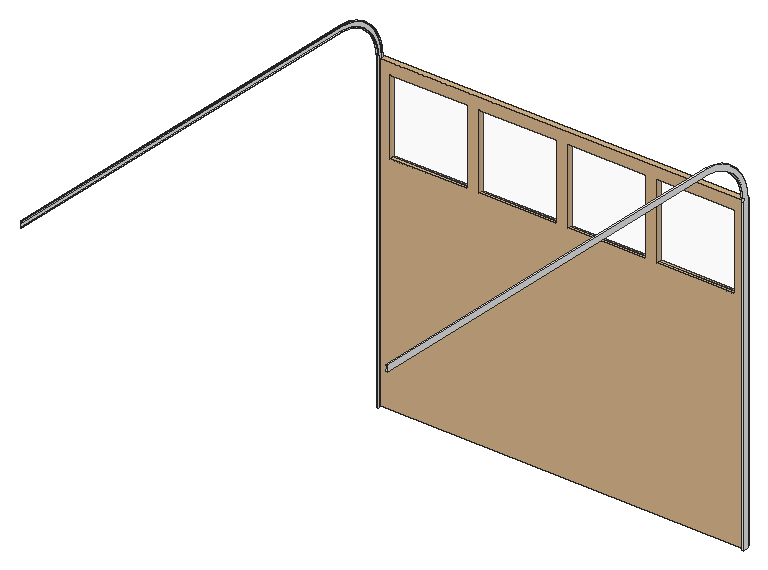
Revit family
Parameters (values of type "7Ft H x 8Ft W")
  Track Width = Width + 0' 2"  # 8' - 2"
  Track Height = Height + 1' 0"  # 8' - 0"
  Track Depth = 10' - 0"
  Track = Metal
  SmartBIM Object Version = 1  # constant formula
  SmartBIM Object Created By = "Reed Construction Data"  # constant formula
  Rough Width = 0' - 0"
  Rough Height = 0' - 0"
  Panel Thickness = 0' - 1 1/2"
  Manufacturer = ""
  Height = 7' - 0"
  Wall Closure = (empty or 0)
  Width = 8' - 0"
  Door Glass = Glass
  Door = Wood
  95 CSI = "08360"  # constant formula
  04 CSI = "08 36 13"  # constant formula
Types (3): name | Track Width | Track Depth | Width
  (no name) | 8' - 2" | 10' - 0" | 8' - 0"
  7Ft H x 8Ft W | 8' - 2" | 10' - 0" | 8' - 0"
  7Ft H x 16Ft W | 16' - 2" | 8' - 0" | 16' - 0"
Reference planes (in)
  plane 1 "Center (Front/Back)": y = 0
  plane 2 "Center (Left/Right)": x = 0
  plane 3 "Left": x = -48
  plane 4 "Right": x = 48
  plane 5 "Top": z = 84
  plane 6: x = -49
  plane 7: x = 49
  plane 8: y = -3.25
  plane 9: z = 60.75
  plane 10: z = 20.25
  plane 11: z = 40.5
  plane 12: z = 81
  plane 13: x = 24
  plane 14: x = -24
  plane 15: y = -2.5
  plane 16: y = -2.5
  plane 17 "Ext": y = -3.25
  plane 18: y = -2.5
  plane 19 "Int": y = -1.75
Forms (in)
  Extrusion 1, solid, material "Wood" <- "Door"
    sketch origin (0, 0, 0) x (1, 0, 0) y (0, 0, 1)
      loop
        line (-49, 84) -> (-49, 0) -> (49, 0) -> (49, 84) -> (-49, 84)
      loop
        line (46.5, 60.75) -> (46.5, 81) -> (25.5, 81) -> (25.5, 60.75) -> (46.5, 60.75)
      loop
        line (22.5, 60.75) -> (22.5, 81) -> (1.5, 81) -> (1.5, 60.75) -> (22.5, 60.75)
      loop
        line (-1.5, 60.75) -> (-1.5, 81) -> (-22.5, 81) -> (-22.5, 60.75) -> (-1.5, 60.75)
      loop
        line (-25.5, 60.75) -> (-25.5, 81) -> (-46.5, 81) -> (-46.5, 60.75) -> (-25.5, 60.75)
    from 1.75 to 3.25
  Extrusion 2, solid, material "Glass" <- "Door Glass"
    sketch origin (0, 0, 0) x (1, 0, 0) y (0, 0, 1)
      loop
        line (46.5, 81) -> (25.5, 81) -> (25.5, 60.75) -> (46.5, 60.75) -> (46.5, 81)
      loop
        line (22.5, 81) -> (1.5, 81) -> (1.5, 60.75) -> (22.5, 60.75) -> (22.5, 81)
      loop
        line (-1.5, 81) -> (-22.5, 81) -> (-22.5, 60.75) -> (-1.5, 60.75) -> (-1.5, 81)
      loop
        line (-25.5, 81) -> (-46.5, 81) -> (-46.5, 60.75) -> (-25.5, 60.75) -> (-25.5, 81)
    from 2.375 to 2.625
Lines and regions (in)
  Opening 1
    outline origin (-90, -1.75, 0) x (1, 0, 0) y (0, 0, 1)
      loop
        line (42, 0) -> (138, 0) -> (138, 84) -> (42, 84) -> (42, 0)
  model lines
    curve 1: line (25.5, -3.25, 59.25) -> (25.5, -3.25, 42)
    curve 2: line (25.5, -3.25, 42) -> (46.5, -3.25, 42)
    curve 3: line (46.5, -3.25, 42) -> (46.5, -3.25, 59.25)
    curve 4: line (46.5, -3.25, 59.25) -> (25.5, -3.25, 59.25)
    curve 5: line (45, -3.25, 57.75) -> (27, -3.25, 57.75)
    curve 6: line (27, -3.25, 57.75) -> (27, -3.25, 43.5)
    curve 7: line (27, -3.25, 43.5) -> (45, -3.25, 43.5)
    curve 8: line (45, -3.25, 43.5) -> (45, -3.25, 57.75)
    curve 9: line (1.5, -3.25, 59.25) -> (1.5, -3.25, 42)
    curve 10: line (1.5, -3.25, 42) -> (22.5, -3.25, 42)
    curve 11: line (22.5, -3.25, 42) -> (22.5, -3.25, 59.25)
    curve 12: line (22.5, -3.25, 59.25) -> (1.5, -3.25, 59.25)
    curve 13: line (21, -3.25, 57.75) -> (3, -3.25, 57.75)
    curve 14: line (3, -3.25, 57.75) -> (3, -3.25, 43.5)
    curve 15: line (3, -3.25, 43.5) -> (21, -3.25, 43.5)
    curve 16: line (21, -3.25, 43.5) -> (21, -3.25, 57.75)
    curve 17: line (-1.5, -3.25, 59.25) -> (-1.5, -3.25, 42)
    curve 18: line (-1.5, -3.25, 42) -> (-22.5, -3.25, 42)
    curve 19: line (-22.5, -3.25, 42) -> (-22.5, -3.25, 59.25)
    curve 20: line (-22.5, -3.25, 59.25) -> (-1.5, -3.25, 59.25)
    curve 21: line (-21, -3.25, 57.75) -> (-3, -3.25, 57.75)
    curve 22: line (-3, -3.25, 57.75) -> (-3, -3.25, 43.5)
    curve 23: line (-3, -3.25, 43.5) -> (-21, -3.25, 43.5)
    curve 24: line (-21, -3.25, 43.5) -> (-21, -3.25, 57.75)
    curve 25: line (-46.5, -3.25, 59.25) -> (-46.5, -3.25, 42)
    curve 26: line (-46.5, -3.25, 42) -> (-25.5, -3.25, 42)
    curve 27: line (-25.5, -3.25, 42) -> (-25.5, -3.25, 59.25)
    curve 28: line (-25.5, -3.25, 59.25) -> (-46.5, -3.25, 59.25)
    curve 29: line (-27, -3.25, 57.75) -> (-45, -3.25, 57.75)
    curve 30: line (-45, -3.25, 57.75) -> (-45, -3.25, 43.5)
    curve 31: line (-45, -3.25, 43.5) -> (-27, -3.25, 43.5)
    curve 32: line (-27, -3.25, 43.5) -> (-27, -3.25, 57.75)
    curve 33: line (-46.5, -3.25, 39) -> (-46.5, -3.25, 21.75)
    curve 34: line (-46.5, -3.25, 21.75) -> (-25.5, -3.25, 21.75)
    curve 35: line (-25.5, -3.25, 21.75) -> (-25.5, -3.25, 39)
    curve 36: line (-25.5, -3.25, 39) -> (-46.5, -3.25, 39)
    curve 37: line (-27, -3.25, 37.5) -> (-45, -3.25, 37.5)
    curve 38: line (-45, -3.25, 37.5) -> (-45, -3.25, 23.25)
    curve 39: line (-45, -3.25, 23.25) -> (-27, -3.25, 23.25)
    curve 40: line (-27, -3.25, 23.25) -> (-27, -3.25, 37.5)
    curve 41: line (-22.5, -3.25, 39) -> (-22.5, -3.25, 21.75)
    curve 42: line (-22.5, -3.25, 21.75) -> (-1.5, -3.25, 21.75)
    curve 43: line (-1.5, -3.25, 21.75) -> (-1.5, -3.25, 39)
    curve 44: line (-1.5, -3.25, 39) -> (-22.5, -3.25, 39)
    curve 45: line (-3, -3.25, 37.5) -> (-21, -3.25, 37.5)
    curve 46: line (-21, -3.25, 37.5) -> (-21, -3.25, 23.25)
    curve 47: line (-21, -3.25, 23.25) -> (-3, -3.25, 23.25)
    curve 48: line (-3, -3.25, 23.25) -> (-3, -3.25, 37.5)
    curve 49: line (22.5, -3.25, 39) -> (22.5, -3.25, 21.75)
    curve 50: line (22.5, -3.25, 21.75) -> (1.5, -3.25, 21.75)
    curve 51: line (1.5, -3.25, 21.75) -> (1.5, -3.25, 39)
    curve 52: line (1.5, -3.25, 39) -> (22.5, -3.25, 39)
    curve 53: line (3, -3.25, 37.5) -> (21, -3.25, 37.5)
    curve 54: line (21, -3.25, 37.5) -> (21, -3.25, 23.25)
    curve 55: line (21, -3.25, 23.25) -> (3, -3.25, 23.25)
    curve 56: line (3, -3.25, 23.25) -> (3, -3.25, 37.5)
    curve 57: line (25.5, -3.25, 39) -> (25.5, -3.25, 21.75)
    curve 58: line (25.5, -3.25, 21.75) -> (46.5, -3.25, 21.75)
    curve 59: line (46.5, -3.25, 21.75) -> (46.5, -3.25, 39)
    curve 60: line (46.5, -3.25, 39) -> (25.5, -3.25, 39)
    curve 61: line (45, -3.25, 37.5) -> (27, -3.25, 37.5)
    curve 62: line (27, -3.25, 37.5) -> (27, -3.25, 23.25)
    curve 63: line (27, -3.25, 23.25) -> (45, -3.25, 23.25)
    curve 64: line (45, -3.25, 23.25) -> (45, -3.25, 37.5)
    curve 65: line (-46.5, -3.25, 1.5) -> (-46.5, -3.25, 18.75)
    curve 66: line (-46.5, -3.25, 18.75) -> (-25.5, -3.25, 18.75)
    curve 67: line (-25.5, -3.25, 18.75) -> (-25.5, -3.25, 1.5)
    curve 68: line (-25.5, -3.25, 1.5) -> (-46.5, -3.25, 1.5)
    curve 69: line (-27, -3.25, 3) -> (-45, -3.25, 3)
    curve 70: line (-45, -3.25, 3) -> (-45, -3.25, 17.25)
    curve 71: line (-45, -3.25, 17.25) -> (-27, -3.25, 17.25)
    curve 72: line (-27, -3.25, 17.25) -> (-27, -3.25, 3)
    curve 73: line (-1.5, -3.25, 1.5) -> (-1.5, -3.25, 18.75)
    curve 74: line (-1.5, -3.25, 18.75) -> (-22.5, -3.25, 18.75)
    curve 75: line (-22.5, -3.25, 18.75) -> (-22.5, -3.25, 1.5)
    curve 76: line (-22.5, -3.25, 1.5) -> (-1.5, -3.25, 1.5)
    curve 77: line (-21, -3.25, 3) -> (-3, -3.25, 3)
    curve 78: line (-3, -3.25, 3) -> (-3, -3.25, 17.25)
    curve 79: line (-3, -3.25, 17.25) -> (-21, -3.25, 17.25)
    curve 80: line (-21, -3.25, 17.25) -> (-21, -3.25, 3)
    curve 81: line (1.5, -3.25, 1.5) -> (1.5, -3.25, 18.75)
    curve 82: line (1.5, -3.25, 18.75) -> (22.5, -3.25, 18.75)
    curve 83: line (22.5, -3.25, 18.75) -> (22.5, -3.25, 1.5)
    curve 84: line (22.5, -3.25, 1.5) -> (1.5, -3.25, 1.5)
    curve 85: line (21, -3.25, 3) -> (3, -3.25, 3)
    curve 86: line (3, -3.25, 3) -> (3, -3.25, 17.25)
    curve 87: line (3, -3.25, 17.25) -> (21, -3.25, 17.25)
    curve 88: line (21, -3.25, 17.25) -> (21, -3.25, 3)
    curve 89: line (46.5, -3.25, 1.5) -> (46.5, -3.25, 18.75)
    curve 90: line (46.5, -3.25, 18.75) -> (25.5, -3.25, 18.75)
    curve 91: line (25.5, -3.25, 18.75) -> (25.5, -3.25, 1.5)
    curve 92: line (25.5, -3.25, 1.5) -> (46.5, -3.25, 1.5)
    curve 93: line (27, -3.25, 3) -> (45, -3.25, 3)
    curve 94: line (45, -3.25, 3) -> (45, -3.25, 17.25)
    curve 95: line (45, -3.25, 17.25) -> (27, -3.25, 17.25)
    curve 96: line (27, -3.25, 17.25) -> (27, -3.25, 3)
    curve 97: line (25.5, -1.75, 59.25) -> (25.5, -1.75, 42)
    curve 98: line (25.5, -1.75, 42) -> (46.5, -1.75, 42)
    curve 99: line (46.5, -1.75, 42) -> (46.5, -1.75, 59.25)
    curve 100: line (46.5, -1.75, 59.25) -> (25.5, -1.75, 59.25)
    curve 101: line (45, -1.75, 57.75) -> (27, -1.75, 57.75)
    curve 102: line (27, -1.75, 57.75) -> (27, -1.75, 43.5)
    curve 103: line (27, -1.75, 43.5) -> (45, -1.75, 43.5)
    curve 104: line (45, -1.75, 43.5) -> (45, -1.75, 57.75)
    curve 105: line (1.5, -1.75, 59.25) -> (1.5, -1.75, 42)
    curve 106: line (1.5, -1.75, 42) -> (22.5, -1.75, 42)
    curve 107: line (22.5, -1.75, 42) -> (22.5, -1.75, 59.25)
    curve 108: line (22.5, -1.75, 59.25) -> (1.5, -1.75, 59.25)
    curve 109: line (21, -1.75, 57.75) -> (3, -1.75, 57.75)
    curve 110: line (3, -1.75, 57.75) -> (3, -1.75, 43.5)
    curve 111: line (3, -1.75, 43.5) -> (21, -1.75, 43.5)
    curve 112: line (21, -1.75, 43.5) -> (21, -1.75, 57.75)
    curve 113: line (-1.5, -1.75, 59.25) -> (-1.5, -1.75, 42)
    curve 114: line (-1.5, -1.75, 42) -> (-22.5, -1.75, 42)
    curve 115: line (-22.5, -1.75, 42) -> (-22.5, -1.75, 59.25)
    curve 116: line (-22.5, -1.75, 59.25) -> (-1.5, -1.75, 59.25)
    curve 117: line (-21, -1.75, 57.75) -> (-3, -1.75, 57.75)
    curve 118: line (-3, -1.75, 57.75) -> (-3, -1.75, 43.5)
    curve 119: line (-3, -1.75, 43.5) -> (-21, -1.75, 43.5)
    curve 120: line (-21, -1.75, 43.5) -> (-21, -1.75, 57.75)
    curve 121: line (-46.5, -1.75, 59.25) -> (-46.5, -1.75, 42)
    curve 122: line (-46.5, -1.75, 42) -> (-25.5, -1.75, 42)
    curve 123: line (-25.5, -1.75, 42) -> (-25.5, -1.75, 59.25)
    curve 124: line (-25.5, -1.75, 59.25) -> (-46.5, -1.75, 59.25)
    curve 125: line (-27, -1.75, 57.75) -> (-45, -1.75, 57.75)
    curve 126: line (-45, -1.75, 57.75) -> (-45, -1.75, 43.5)
    curve 127: line (-45, -1.75, 43.5) -> (-27, -1.75, 43.5)
    curve 128: line (-27, -1.75, 43.5) -> (-27, -1.75, 57.75)
    curve 129: line (-46.5, -1.75, 39) -> (-46.5, -1.75, 21.75)
    curve 130: line (-46.5, -1.75, 21.75) -> (-25.5, -1.75, 21.75)
    curve 131: line (-25.5, -1.75, 21.75) -> (-25.5, -1.75, 39)
    curve 132: line (-25.5, -1.75, 39) -> (-46.5, -1.75, 39)
    curve 133: line (-27, -1.75, 37.5) -> (-45, -1.75, 37.5)
    curve 134: line (-45, -1.75, 37.5) -> (-45, -1.75, 23.25)
    curve 135: line (-45, -1.75, 23.25) -> (-27, -1.75, 23.25)
    curve 136: line (-27, -1.75, 23.25) -> (-27, -1.75, 37.5)
    curve 137: line (-22.5, -1.75, 39) -> (-22.5, -1.75, 21.75)
    curve 138: line (-22.5, -1.75, 21.75) -> (-1.5, -1.75, 21.75)
    curve 139: line (-1.5, -1.75, 21.75) -> (-1.5, -1.75, 39)
    curve 140: line (-1.5, -1.75, 39) -> (-22.5, -1.75, 39)
    curve 141: line (-3, -1.75, 37.5) -> (-21, -1.75, 37.5)
    curve 142: line (-21, -1.75, 37.5) -> (-21, -1.75, 23.25)
    curve 143: line (-21, -1.75, 23.25) -> (-3, -1.75, 23.25)
    curve 144: line (-3, -1.75, 23.25) -> (-3, -1.75, 37.5)
    curve 145: line (22.5, -1.75, 39) -> (22.5, -1.75, 21.75)
    curve 146: line (22.5, -1.75, 21.75) -> (1.5, -1.75, 21.75)
    curve 147: line (1.5, -1.75, 21.75) -> (1.5, -1.75, 39)
    curve 148: line (1.5, -1.75, 39) -> (22.5, -1.75, 39)
    curve 149: line (3, -1.75, 37.5) -> (21, -1.75, 37.5)
    curve 150: line (21, -1.75, 37.5) -> (21, -1.75, 23.25)
    curve 151: line (21, -1.75, 23.25) -> (3, -1.75, 23.25)
    curve 152: line (3, -1.75, 23.25) -> (3, -1.75, 37.5)
    curve 153: line (25.5, -1.75, 39) -> (25.5, -1.75, 21.75)
    curve 154: line (25.5, -1.75, 21.75) -> (46.5, -1.75, 21.75)
    curve 155: line (46.5, -1.75, 21.75) -> (46.5, -1.75, 39)
    curve 156: line (46.5, -1.75, 39) -> (25.5, -1.75, 39)
    curve 157: line (45, -1.75, 37.5) -> (27, -1.75, 37.5)
    curve 158: line (27, -1.75, 37.5) -> (27, -1.75, 23.25)
    curve 159: line (27, -1.75, 23.25) -> (45, -1.75, 23.25)
    curve 160: line (45, -1.75, 23.25) -> (45, -1.75, 37.5)
    curve 161: line (-46.5, -1.75, 1.5) -> (-46.5, -1.75, 18.75)
    curve 162: line (-46.5, -1.75, 18.75) -> (-25.5, -1.75, 18.75)
    curve 163: line (-25.5, -1.75, 18.75) -> (-25.5, -1.75, 1.5)
    curve 164: line (-25.5, -1.75, 1.5) -> (-46.5, -1.75, 1.5)
    curve 165: line (-27, -1.75, 3) -> (-45, -1.75, 3)
    curve 166: line (-45, -1.75, 3) -> (-45, -1.75, 17.25)
    curve 167: line (-45, -1.75, 17.25) -> (-27, -1.75, 17.25)
    curve 168: line (-27, -1.75, 17.25) -> (-27, -1.75, 3)
    curve 169: line (-1.5, -1.75, 1.5) -> (-1.5, -1.75, 18.75)
    curve 170: line (-1.5, -1.75, 18.75) -> (-22.5, -1.75, 18.75)
    curve 171: line (-22.5, -1.75, 18.75) -> (-22.5, -1.75, 1.5)
    curve 172: line (-22.5, -1.75, 1.5) -> (-1.5, -1.75, 1.5)
    curve 173: line (-21, -1.75, 3) -> (-3, -1.75, 3)
    curve 174: line (-3, -1.75, 3) -> (-3, -1.75, 17.25)
    curve 175: line (-3, -1.75, 17.25) -> (-21, -1.75, 17.25)
    curve 176: line (-21, -1.75, 17.25) -> (-21, -1.75, 3)
    curve 177: line (1.5, -1.75, 1.5) -> (1.5, -1.75, 18.75)
    curve 178: line (1.5, -1.75, 18.75) -> (22.5, -1.75, 18.75)
    curve 179: line (22.5, -1.75, 18.75) -> (22.5, -1.75, 1.5)
    curve 180: line (22.5, -1.75, 1.5) -> (1.5, -1.75, 1.5)
    curve 181: line (21, -1.75, 3) -> (3, -1.75, 3)
    curve 182: line (3, -1.75, 3) -> (3, -1.75, 17.25)
    curve 183: line (3, -1.75, 17.25) -> (21, -1.75, 17.25)
    curve 184: line (21, -1.75, 17.25) -> (21, -1.75, 3)
    curve 185: line (46.5, -1.75, 1.5) -> (46.5, -1.75, 18.75)
    curve 186: line (46.5, -1.75, 18.75) -> (25.5, -1.75, 18.75)
    curve 187: line (25.5, -1.75, 18.75) -> (25.5, -1.75, 1.5)
    curve 188: line (25.5, -1.75, 1.5) -> (46.5, -1.75, 1.5)
    curve 189: line (27, -1.75, 3) -> (45, -1.75, 3)
    curve 190: line (45, -1.75, 3) -> (45, -1.75, 17.25)
    curve 191: line (45, -1.75, 17.25) -> (27, -1.75, 17.25)
    curve 192: line (27, -1.75, 17.25) -> (27, -1.75, 3)
    curve 193: line (3, -1.75, 57.75) -> (1.5, -1.75, 59.25)
    curve 194: line (3, -1.75, 43.5) -> (1.5, -1.75, 42)
    curve 195: line (21, -1.75, 57.75) -> (22.5, -1.75, 59.25)
    curve 196: line (21, -1.75, 43.5) -> (22.5, -1.75, 42)
    curve 197: line (45, -1.75, 57.75) -> (46.5, -1.75, 59.25)
    curve 198: line (45, -1.75, 43.5) -> (46.5, -1.75, 42)
    curve 199: line (27, -1.75, 57.75) -> (25.5, -1.75, 59.25)
    curve 200: line (27, -1.75, 43.5) -> (25.5, -1.75, 42)
    curve 201: line (45, -1.75, 23.25) -> (46.5, -1.75, 21.75)
    curve 202: line (45, -1.75, 37.5) -> (46.5, -1.75, 39)
    curve 203: line (27, -1.75, 23.25) -> (25.5, -1.75, 21.75)
    curve 204: line (27, -1.75, 37.5) -> (25.5, -1.75, 39)
    curve 205: line (45, -1.75, 17.25) -> (46.5, -1.75, 18.75)
    curve 206: line (45, -1.75, 3) -> (46.5, -1.75, 1.5)
    curve 207: line (27, -1.75, 17.25) -> (25.5, -1.75, 18.75)
    curve 208: line (27, -1.75, 3) -> (25.5, -1.75, 1.5)
    curve 209: line (3, -1.75, 17.25) -> (1.5, -1.75, 18.75)
    curve 210: line (3, -1.75, 3) -> (1.5, -1.75, 1.5)
    curve 211: line (21, -1.75, 17.25) -> (22.5, -1.75, 18.75)
    curve 212: line (21, -1.75, 3) -> (22.5, -1.75, 1.5)
    curve 213: line (-3, -1.75, 17.25) -> (-1.5, -1.75, 18.75)
    curve 214: line (-3, -1.75, 3) -> (-1.5, -1.75, 1.5)
    curve 215: line (-21, -1.75, 17.25) -> (-22.5, -1.75, 18.75)
    curve 216: line (-21, -1.75, 3) -> (-22.5, -1.75, 1.5)
    curve 217: line (-45, -1.75, 17.25) -> (-46.5, -1.75, 18.75)
    curve 218: line (-45, -1.75, 3) -> (-46.5, -1.75, 1.5)
    curve 219: line (-27, -1.75, 17.25) -> (-25.5, -1.75, 18.75)
    curve 220: line (-27, -1.75, 3) -> (-25.5, -1.75, 1.5)
    curve 221: line (-45, -1.75, 23.25) -> (-46.5, -1.75, 21.75)
    curve 222: line (-45, -1.75, 37.5) -> (-46.5, -1.75, 39)
    curve 223: line (-27, -1.75, 23.25) -> (-25.5, -1.75, 21.75)
    curve 224: line (-27, -1.75, 37.5) -> (-25.5, -1.75, 39)
    curve 225: line (-3, -1.75, 23.25) -> (-1.5, -1.75, 21.75)
    curve 226: line (-3, -1.75, 37.5) -> (-1.5, -1.75, 39)
    curve 227: line (-21, -1.75, 23.25) -> (-22.5, -1.75, 21.75)
    curve 228: line (-21, -1.75, 37.5) -> (-22.5, -1.75, 39)
    curve 229: line (3, -1.75, 23.25) -> (1.5, -1.75, 21.75)
    curve 230: line (3, -1.75, 37.5) -> (1.5, -1.75, 39)
    curve 231: line (21, -1.75, 23.25) -> (22.5, -1.75, 21.75)
    curve 232: line (21, -1.75, 37.5) -> (22.5, -1.75, 39)
    curve 233: line (-3, -1.75, 57.75) -> (-1.5, -1.75, 59.25)
    curve 234: line (-3, -1.75, 43.5) -> (-1.5, -1.75, 42)
    curve 235: line (-21, -1.75, 57.75) -> (-22.5, -1.75, 59.25)
    curve 236: line (-21, -1.75, 43.5) -> (-22.5, -1.75, 42)
    curve 237: line (-45, -1.75, 57.75) -> (-46.5, -1.75, 59.25)
    curve 238: line (-45, -1.75, 43.5) -> (-46.5, -1.75, 42)
    curve 239: line (-27, -1.75, 57.75) -> (-25.5, -1.75, 59.25)
    curve 240: line (-27, -1.75, 43.5) -> (-25.5, -1.75, 42)
    curve 241: line (-45, -3.25, 57.75) -> (-46.5, -3.25, 59.25)
    curve 242: line (-27, -3.25, 57.75) -> (-25.5, -3.25, 59.25)
    curve 243: line (-45, -3.25, 43.5) -> (-46.5, -3.25, 42)
    curve 244: line (-27, -3.25, 43.5) -> (-25.5, -3.25, 42)
    curve 245: line (-3, -3.25, 57.75) -> (-1.5, -3.25, 59.25)
    curve 246: line (-21, -3.25, 57.75) -> (-22.5, -3.25, 59.25)
    curve 247: line (-3, -3.25, 43.5) -> (-1.5, -3.25, 42)
    curve 248: line (-21, -3.25, 43.5) -> (-22.5, -3.25, 42)
    curve 249: line (3, -3.25, 57.75) -> (1.5, -3.25, 59.25)
    curve 250: line (21, -3.25, 57.75) -> (22.5, -3.25, 59.25)
    curve 251: line (3, -3.25, 43.5) -> (1.5, -3.25, 42)
    curve 252: line (21, -3.25, 43.5) -> (22.5, -3.25, 42)
    curve 253: line (45, -3.25, 57.75) -> (46.5, -3.25, 59.25)
    curve 254: line (27, -3.25, 57.75) -> (25.5, -3.25, 59.25)
    curve 255: line (45, -3.25, 43.5) -> (46.5, -3.25, 42)
    curve 256: line (27, -3.25, 43.5) -> (25.5, -3.25, 42)
    curve 257: line (45, -3.25, 23.25) -> (46.5, -3.25, 21.75)
    curve 258: line (27, -3.25, 23.25) -> (25.5, -3.25, 21.75)
    curve 259: line (45, -3.25, 37.5) -> (46.5, -3.25, 39)
    curve 260: line (27, -3.25, 37.5) -> (25.5, -3.25, 39)
    curve 261: line (3, -3.25, 23.25) -> (1.5, -3.25, 21.75)
    curve 262: line (21, -3.25, 23.25) -> (22.5, -3.25, 21.75)
    curve 263: line (3, -3.25, 37.5) -> (1.5, -3.25, 39)
    curve 264: line (21, -3.25, 37.5) -> (22.5, -3.25, 39)
    curve 265: line (-3, -3.25, 23.25) -> (-1.5, -3.25, 21.75)
    curve 266: line (-21, -3.25, 23.25) -> (-22.5, -3.25, 21.75)
    curve 267: line (-3, -3.25, 37.5) -> (-1.5, -3.25, 39)
    curve 268: line (-21, -3.25, 37.5) -> (-22.5, -3.25, 39)
    curve 269: line (-45, -3.25, 23.25) -> (-46.5, -3.25, 21.75)
    curve 270: line (-27, -3.25, 23.25) -> (-25.5, -3.25, 21.75)
    curve 271: line (-45, -3.25, 37.5) -> (-46.5, -3.25, 39)
    curve 272: line (-27, -3.25, 37.5) -> (-25.5, -3.25, 39)
    curve 273: line (-45, -3.25, 17.25) -> (-46.5, -3.25, 18.75)
    curve 274: line (-27, -3.25, 17.25) -> (-25.5, -3.25, 18.75)
    curve 275: line (-45, -3.25, 3) -> (-46.5, -3.25, 1.5)
    curve 276: line (-27, -3.25, 3) -> (-25.5, -3.25, 1.5)
    curve 277: line (-3, -3.25, 17.25) -> (-1.5, -3.25, 18.75)
    curve 278: line (-21, -3.25, 17.25) -> (-22.5, -3.25, 18.75)
    curve 279: line (-3, -3.25, 3) -> (-1.5, -3.25, 1.5)
    curve 280: line (-21, -3.25, 3) -> (-22.5, -3.25, 1.5)
    curve 281: line (3, -3.25, 17.25) -> (1.5, -3.25, 18.75)
    curve 282: line (21, -3.25, 17.25) -> (22.5, -3.25, 18.75)
    curve 283: line (3, -3.25, 3) -> (1.5, -3.25, 1.5)
    curve 284: line (21, -3.25, 3) -> (22.5, -3.25, 1.5)
    curve 285: line (45, -3.25, 17.25) -> (46.5, -3.25, 18.75)
    curve 286: line (27, -3.25, 17.25) -> (25.5, -3.25, 18.75)
    curve 287: line (45, -3.25, 3) -> (46.5, -3.25, 1.5)
    curve 288: line (27, -3.25, 3) -> (25.5, -3.25, 1.5)
Text (in)
  text "Exterior" at (-74.96733, 27.31104, 0), in view "Ref. Level"
  text "Interior" at (-76.69036, -30.31274, 0), in view "Ref. Level"
  text "Exterior" at (0, 40.15149, 123.01588), in view "Right"
  text "Interior" at (0, -64.39139, 123.01588), in view "Right"
  text "Interior" at (0, -31.01599, 123.00693), in view "Left"
  text "Exterior" at (0, 54.57065, 123.00693), in view "Left"
Dimensions and locks (in)
  equal spacing: plane 3 "Left", plane 2 "Center (Left/Right)", plane 4 "Right"
  "Height": level to plane 5 "Top"
  "Width": plane 3 "Left" to plane 4 "Right"
  locked: plane 6 to plane 3 "Left" at 1
  locked: plane 4 "Right" to plane 7 at 1
  locked: plane 12 to plane 5 "Top" at 3
  equal spacing: level, plane 10, plane 11, plane 9, plane 12
  equal spacing: plane 2 "Center (Left/Right)", plane 13, plane 4 "Right"
  equal spacing: plane 2 "Center (Left/Right)", plane 14, plane 3 "Left"
  locked: Extrusion 1 sketch curve to plane 4 "Right" at 1.5
  equal spacing: Extrusion 1 sketch curve, plane 13, Extrusion 1 sketch curve
  locked: Extrusion 1 sketch curve to Extrusion 1 sketch curve at 3  (x3)
  equal spacing: Extrusion 1 sketch curve, plane 2 "Center (Left/Right)", Extrusion 1 sketch curve
  equal spacing: Extrusion 1 sketch curve, plane 14, Extrusion 1 sketch curve
  locked: Extrusion 1 sketch curve to plane 3 "Left" at 1.5
  locked: Extrusion 2 to Extrusion 2 at 0.25  (x2)
  host wall to plane 15 to plane 8 = 0' - 0 3/4", 0' - 0 3/4"
  equal spacing: Extrusion 2, plane 16, Extrusion 2
  curve 8 to curve 3 to plane 4 "Right" = 0' - 1 1/2" locked, 0' - 1 1/2" locked
  curve 5 to curve 4 to plane 9 = 0' - 1 1/2" locked, 0' - 1 1/2" locked
  curve 6 to curve 1 to plane 13 = 0' - 1 1/2" locked, 0' - 1 1/2" locked
  plane 11 to curve 2 to curve 7 = 0' - 1 1/2" locked, 0' - 1 1/2" locked
  curve 16 to curve 11 to plane 13 = 0' - 1 1/2" locked, 0' - 1 1/2" locked
  curve 14 to curve 9 to plane 2 "Center (Left/Right)" = 0' - 1 1/2" locked, 0' - 1 1/2" locked
  plane 2 "Center (Left/Right)" to curve 17 to curve 22 = 0' - 1 1/2" locked, 0' - 1 1/2" locked
  plane 14 to Extrusion 1 to curve 24 = 0' - 1 1/2", 0' - 1 1/2"
  curve 32 to curve 27 to plane 14 = 0' - 1 1/2" locked, 0' - 1 1/2" locked
  plane 3 "Left" to curve 25 to curve 30 = 0' - 1 1/2" locked, 0' - 1 1/2" locked
  plane 11 to curve 36 to curve 37 = 0' - 1 1/2" locked, 0' - 1 1/2" locked
  curve 39 to curve 34 to plane 10 = 0' - 1 1/2" locked, 0' - 1 1/2" locked
  plane 10 to curve 66 to curve 71 = 0' - 1 1/2" locked, 0' - 1 1/2" locked
  curve 69 to curve 68 to level = 0' - 1 1/2" locked, 0' - 1 1/2" locked
  equal spacing: plane 17 "Ext", plane 18, plane 19 "Int"
  locked: curve 104 to curve 99 at 1.5
  locked: curve 101 to curve 100 at 1.5
  locked: curve 102 to curve 97 at 1.5
  locked: curve 98 to curve 103 at 1.5
  locked: curve 112 to curve 107 at 1.5
  locked: curve 110 to curve 105 at 1.5
  locked: curve 113 to curve 118 at 1.5
  locked: curve 128 to curve 123 at 1.5
  locked: curve 121 to curve 126 at 1.5
  locked: curve 132 to curve 133 at 1.5
  locked: curve 135 to curve 130 at 1.5
  locked: curve 162 to curve 167 at 1.5
  locked: curve 165 to curve 164 at 1.5
  "Panel Thickness": plane 19 "Int" to plane 17 "Ext"
  aligned and locked: plane 3 "Left" to Opening 1 sketch curve
  aligned and locked: plane 5 "Top" to Opening 1 sketch curve  (x2)
  aligned and locked: Opening 1 sketch curve to plane 4 "Right"
  aligned and locked: Opening 1 sketch curve to level
  aligned and locked: Extrusion 1 sketch curve to plane 6
  aligned and locked: Extrusion 1 sketch curve to plane 7
  aligned and locked: Extrusion 1 sketch curve to level
  aligned and locked: Extrusion 1 sketch curve to host wall
  aligned and locked: plane 12 to Extrusion 1 sketch curve  (x3)
  aligned and locked: plane 9 to Extrusion 1 sketch curve  (x4)
  aligned and locked: Extrusion 1 sketch curve to plane 9
  aligned and locked: Extrusion 2 sketch curve to Extrusion 1  (x16)
  aligned and locked: plane 15 to plane 16
  aligned and locked: curve 30 to curve 38
  aligned and locked: curve 25 to curve 33
  aligned and locked: curve 40 to curve 32
  aligned and locked: curve 35 to curve 27
  aligned and locked: curve 19 to curve 41
  aligned and locked: curve 24 to curve 46
  aligned and locked: curve 44 to curve 36
  aligned and locked: curve 45 to curve 37
  aligned and locked: curve 39 to curve 47
  aligned and locked: curve 34 to curve 42
  aligned and locked: curve 48 to curve 22
  aligned and locked: curve 43 to curve 17
  aligned and locked: curve 44 to curve 52
  aligned and locked: curve 45 to curve 53
  aligned and locked: curve 55 to curve 47
  aligned and locked: curve 50 to curve 42
  aligned and locked: curve 51 to curve 9
  aligned and locked: curve 56 to curve 14
  aligned and locked: curve 11 to curve 49
  aligned and locked: curve 16 to curve 54
  aligned and locked: curve 60 to curve 52
  aligned and locked: curve 61 to curve 53
  aligned and locked: curve 55 to curve 63
  aligned and locked: curve 50 to curve 58
  aligned and locked: curve 1 to curve 57
  aligned and locked: curve 6 to curve 62
  aligned and locked: curve 64 to curve 8
  aligned and locked: curve 59 to curve 3
  aligned and locked: curve 65 to curve 33
  aligned and locked: curve 70 to curve 38
  aligned and locked: curve 40 to curve 72
  aligned and locked: curve 35 to curve 67
  aligned and locked: curve 68 to curve 76
  aligned and locked: curve 74 to curve 66
  aligned and locked: curve 41 to curve 75
  aligned and locked: curve 46 to curve 80
  aligned and locked: curve 78 to curve 48
  aligned and locked: curve 73 to curve 43
  aligned and locked: curve 81 to curve 51
  aligned and locked: curve 86 to curve 56
  aligned and locked: curve 54 to curve 88
  aligned and locked: curve 49 to curve 83
  aligned and locked: curve 74 to curve 82
  aligned and locked: curve 79 to curve 87
  aligned and locked: curve 84 to curve 76
  aligned and locked: curve 85 to curve 77
  aligned and locked: curve 90 to curve 82
  aligned and locked: curve 95 to curve 87
  aligned and locked: curve 84 to curve 92
  aligned and locked: curve 85 to curve 93
  aligned and locked: curve 57 to curve 91
  aligned and locked: curve 62 to curve 96
  aligned and locked: curve 94 to curve 64
  aligned and locked: curve 89 to curve 59
  aligned and locked: host wall to plane 19 "Int"
  aligned and locked: plane 16 to plane 18
  aligned and locked: plane 17 "Ext" to Extrusion 1
  aligned and locked: Extrusion 1 to host wall
  aligned and locked: curve 241 to curve 237
  aligned and locked: nested 1 to plane 2 "Center (Left/Right)"
  aligned and locked: nested 1 to plane 17 "Ext"
Automatic sketch dimensions
  Extrusion 1 sketch curve to plane 12 = 0' - 0"
  curve 124 to plane 3 "Left" = 0' - 1 1/2"
  curve 222 to plane 3 "Left" = 0' - 1 1/2"
  curve 218 to plane 3 "Left" = 0' - 1 1/2"
  curve 161 to curve 217 = 0' - 1 1/2"
  curve 129 to curve 222 = 0' - 1 1/2"
  plane 14 to curve 135 = 0' - 3"
  plane 14 to curve 168 = 0' - 3"
  plane 14 to curve 128 = 0' - 3"
  plane 14 to curve 164 = 0' - 1 1/2"
  plane 14 to curve 224 = 0' - 1 1/2"
  curve 115 to plane 14 = 0' - 1 1/2"
  curve 216 to plane 14 = 0' - 1 1/2"
  curve 227 to plane 14 = 0' - 1 1/2"
  curve 137 to curve 142 = 0' - 1 1/2"
  curve 114 to curve 119 = 0' - 1 1/2"
  curve 171 to curve 173 = 0' - 1 1/2"
  curve 119 to plane 2 "Center (Left/Right)" = 0' - 3"
  curve 214 to plane 2 "Center (Left/Right)" = 0' - 3"
  curve 226 to plane 2 "Center (Left/Right)" = 0' - 3"
  curve 169 to plane 2 "Center (Left/Right)" = 0' - 1 1/2"
  curve 140 to plane 2 "Center (Left/Right)" = 0' - 1 1/2"
  plane 2 "Center (Left/Right)" to curve 194 = 0' - 1 1/2"
  plane 2 "Center (Left/Right)" to curve 230 = 0' - 1 1/2"
  plane 2 "Center (Left/Right)" to curve 210 = 0' - 1 1/2"
  curve 177 to curve 209 = 0' - 1 1/2"
  curve 147 to curve 152 = 0' - 1 1/2"
  plane 13 to curve 184 = 0' - 3"
  plane 13 to curve 196 = 0' - 3"
  plane 13 to curve 150 = 0' - 3"
  plane 13 to curve 212 = 0' - 1 1/2"
  plane 13 to curve 145 = 0' - 1 1/2"
  curve 203 to plane 13 = 0' - 1 1/2"
  curve 186 to plane 13 = 0' - 1 1/2"
  curve 200 to plane 13 = 0' - 1 1/2"
  curve 187 to curve 208 = 0' - 1 1/2"
  curve 153 to curve 159 = 0' - 1 1/2"
  plane 4 "Right" to curve 190 = 0' - 3"
  plane 4 "Right" to curve 197 = 0' - 3"
  plane 4 "Right" to curve 201 = 0' - 3"
  plane 4 "Right" to curve 205 = 0' - 1 1/2"
  plane 4 "Right" to curve 202 = 0' - 1 1/2"
  level to curve 169 = 0' - 1 1/2"
  level to curve 218 = 0' - 1 1/2"
  level to curve 212 = 0' - 1 1/2"
  level to curve 206 = 0' - 1 1/2"
  curve 177 to curve 210 = 0' - 1 1/2"
  curve 171 to curve 176 = 0' - 1 1/2"
  curve 185 to curve 190 = 0' - 1 1/2"
  curve 217 to plane 10 = 0' - 3"
  curve 205 to plane 10 = 0' - 3"
  curve 215 to plane 10 = 0' - 3"
  curve 209 to plane 10 = 0' - 3"
  curve 177 to plane 10 = 0' - 1 1/2"
  curve 207 to plane 10 = 0' - 1 1/2"
  curve 170 to plane 10 = 0' - 1 1/2"
  plane 10 to curve 201 = 0' - 1 1/2"
  plane 10 to curve 145 = 0' - 1 1/2"
  plane 10 to curve 129 = 0' - 1 1/2"
  plane 10 to curve 139 = 0' - 1 1/2"
  curve 145 to curve 231 = 0' - 1 1/2"
  curve 153 to curve 158 = 0' - 1 1/2"
  curve 138 to curve 144 = 0' - 1 1/2"
  curve 204 to plane 11 = 0' - 3"
  curve 226 to plane 11 = 0' - 3"
  curve 224 to plane 11 = 0' - 3"
  curve 230 to plane 11 = 0' - 3"
  curve 139 to plane 11 = 0' - 1 1/2"
  curve 145 to plane 11 = 0' - 1 1/2"
  curve 202 to plane 11 = 0' - 1 1/2"
  plane 11 to curve 107 = 0' - 1 1/2"
  plane 11 to curve 113 = 0' - 1 1/2"
  plane 11 to curve 121 = 0' - 1 1/2"
  plane 11 to curve 198 = 0' - 1 1/2"
  curve 122 to curve 240 = 0' - 1 1/2"
  curve 105 to curve 110 = 0' - 1 1/2"
  curve 113 to curve 118 = 0' - 1 1/2"
  curve 120 to plane 9 = 0' - 3"
  curve 125 to plane 9 = 0' - 3"
  curve 101 to plane 9 = 0' - 3"
  curve 112 to plane 9 = 0' - 3"
  curve 105 to plane 9 = 0' - 1 1/2"
  curve 113 to plane 9 = 0' - 1 1/2"
  curve 121 to plane 9 = 0' - 1 1/2"
  curve 19 to plane 14 = 0' - 1 1/2"
  curve 83 to curve 284 = 0' - 1 1/2"
  curve 286 to curve 286 = 0' - 1 1/2"
  plane 11 to curve 19 = 0' - 1 1/2"
  plane 11 to curve 25 = 0' - 1 1/2"
  plane 11 to curve 9 = 0' - 1 1/2"
  curve 26 to curve 32 = 0' - 1 1/2"
  curve 9 to curve 251 = 0' - 1 1/2"
  curve 18 to curve 248 = 0' - 1 1/2"
  curve 22 to plane 9 = 0' - 3"
  curve 13 to plane 9 = 0' - 3"
  curve 250 to plane 9 = 0' - 1 1/2"
  curve 246 to plane 9 = 0' - 1 1/2"
Nested families (in)
  nested 1: "Door Track" at (-0.5, -64, 0), Width <- "Track Width", Height <- "Track Height", Depth <- "Track Depth", type "Door Track"
    with Width 8' - 2", Height 8' - 0", Depth 10' - 0"
Definition of nested family "Door Track"
  Parameters
    Width [instance] = 10' - 0"
    Track = Metal
    Height [instance] = 11' - 0"
    Depth [instance] = 8' - 0"
  Reference planes (in)
    plane 1 "Center (Front/Back)": y = 0
    plane 2: z = 0
    plane 3 "Center (Left/Right)": x = 0.5
    plane 4 "Back": y = 48
    plane 5 "Front": y = -48
    plane 6 "Left": x = -59.5
    plane 7 "Right": x = 60.5
    plane 8 "Top": z = 132
    plane 9 "Center (Up/Down)": z = 66
    plane 10: y = 48.75
    plane 11: y = 49.5
  Forms (in)
    Sweep 1, solid, material "Metal" <- "Track"
      path origin (60.5, 60, 48) x (0, 1, 0) y (0, 0, 1)
        loop
          line (-12, -48) -> (-12, 72)
          arc (-12, 72) -> (-15.51472, 80.48528) -> (-24, 84) r 12
          line (-24, 84) -> (-108, 84)
      profile origin (60.5, -6, 132) x (0, 0, -1) y (1, 0, 0)
        loop
          line (-1.5, 0) -> (-1.375, 0) -> (-1.375, 0.375) -> (-0.125, 0.375) -> (-0.125, 0) -> (0, 0) -> (0, 0.5) -> (-1.5, 0.5) -> (-1.5, 0)
    Sweep 2, solid, material "Metal" <- "Track"
      path origin (-59.5, 60, 48) x (0, 1, 0) y (0, 0, 1)
        loop
          line (-12, -48) -> (-12, 72)
          arc (-12, 72) -> (-15.51472, 80.48528) -> (-24, 84) r 12
          line (-24, 84) -> (-108, 84)
      profile origin (-59.5, -6, 132) x (0, 0, -1) y (1, 0, 0)
        loop
          line (-1.5, 0) -> (-1.5, -0.5) -> (0, -0.5) -> (0, 0) -> (-0.125, 0) -> (-0.125, -0.375) -> (-1.375, -0.375) -> (-1.375, 0) -> (-1.5, 0)
  Dimensions and locks (in)
    equal spacing: plane 6 "Left", plane 3 "Center (Left/Right)", plane 7 "Right"
    "Width": plane 6 "Left" to plane 7 "Right"
    equal spacing: plane 4 "Back", plane 1 "Center (Front/Back)", plane 5 "Front"
    "Depth": plane 4 "Back" to plane 5 "Front"
    "Height": plane 8 "Top" to plane 2
    equal spacing: plane 8 "Top", plane 9 "Center (Up/Down)", level
    locked: Sweep 2 sketch curve to Sweep 2 sketch curve at 0.125  (x3)
    locked: Sweep 2 sketch curve to Sweep 2 sketch curve at 0.5  (x2)
    locked: Sweep 2 sketch curve to Sweep 2 sketch curve at 1.5
    locked: Sweep 1 sketch curve to Sweep 1 sketch curve at 0.5  (x2)
    locked: Sweep 1 sketch curve to Sweep 1 sketch curve at 0.125  (x3)
    locked: Sweep 1 sketch curve to Sweep 1 sketch curve at 1.5
    equal spacing: plane 4 "Back", plane 10, plane 11
    locked: plane 10 to plane 11 at 0.75
    radius of Sweep 1 sketch curve = 1' - 0"
    radius of Sweep 2 sketch curve = 1' - 0"
    aligned and locked: plane 8 "Top" to Sweep 1 sketch curve  (x2)
    aligned and locked: plane 5 "Front" to Sweep 1 sketch curve
    aligned and locked: plane 4 "Back" to Sweep 1 sketch curve
    aligned and locked: plane 4 "Back" to Sweep 2 sketch curve
    aligned and locked: plane 5 "Front" to Sweep 2 sketch curve
    aligned and locked: level to Sweep 2 sketch curve
    aligned and locked: Sweep 2 sketch curve to profile plane  (x2)
    aligned and locked: Sweep 1 sketch curve to profile plane
    aligned and locked: plane 11 to Sweep 1
  Automatic sketch dimensions
    Sweep 1 sketch curve to level = 0' - 0"
    Sweep 2 sketch curve to plane 8 "Top" = 0' - 0"
